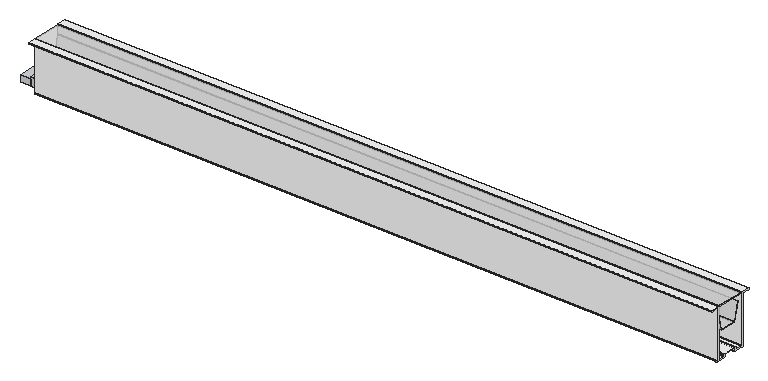
Revit family "2071491", category Lighting Fixtures, host Face, Revit 2022
Family settings
  Host = Face
  Round Connector Dimension = Use Diameter
  Part Type = Normal
  OmniClass Number = 23.80.70.00
  OmniClass Title = Lighting
  Cut with Voids When Loaded = No
  Light Source = Yes
  Maintain Annotation Orientation = No
  Shared = No
  Room Calculation Point = No
Parameters (values of type "MC2 TRIM 1.2M 4K DALI WHT OPAL")
  Weight = "2.5 kg"
  Wattage Comments = ""
  Wattage = 18 W
  WarrantyStartDate [instance] = "n/a"
  WarrantyGuarantorParts = "n/a"
  WarrantyDurationUnit = "Years"
  WarrantyDurationParts = "5"
  WarrantyDescription = "http://www.sylvania-group.com"
  built-in parameter 1150110 = 1 (stored number, unit not read)
  Voltage = 230 V
  URL = "http://www.sylvania-group.com"
  TypeName = "Mini Continuum II - Direct - Trim"
  Type Image = <None>
  Type Comments = "n/a"
  built-in parameter 1114217 = 1 (stored number, unit not read)
  Tilt Angle = -90.00°
  built-in parameter 1150109 = 1 (stored number, unit not read)
  built-in parameter 1150134 = 12
  built-in parameter 1150113 = 1 (stored number, unit not read)
  SerialNumber [instance] = "n/a"
  Photometric Web File = "2071491.IES"
  Material_3_SYL = Metal_Sylvania_Mini Contiuum II_Silver
  PowerFactor = 0.98
  PowerConsumption = "18 W"
  NominalLength = 1200 mm
  NominalHeight = 86 mm
  NominalDepth = 80 mm
  Name = "MC2 TRIM 1.2M 4K DALI WHT OPAL"
  ModelReference = Name  # "MC2 TRIM 1.2M 4K DALI WHT OPAL"
  ModelNumber = "2071491"
  Model = Name  # "MC2 TRIM 1.2M 4K DALI WHT OPAL"
  Material = "Aluminium"
  ManufacturerName = Manufacturer  # "Feilo Sylvania"
  Manufacturer = "Feilo Sylvania"
  LuminousEfficacy = "133 lm/W"
  built-in parameter 1150105 = 1085.4 (stored number, unit not read)
  Lumens = 2394 lm
  LuminaireType = "Ceiling recessed mounting"
  built-in parameter 1150115 = 1 (stored number, unit not read)
  LightOutputRatio = "100"
  built-in parameter 1150137 = (empty or 0)
  built-in parameter 1150139 = (empty or 0)
  LampsType = Lamp  # "LED"
  LampNominalLuminous = "2400 lm"
  LampMacAdamStep = "3"
  LampColourTemperature = "4000 K"
  LampColourRenderingIndex = "80"
  built-in parameter 1150112 = 1 (stored number, unit not read)
  built-in parameter 1150114 = 1 (stored number, unit not read)
  Lamp = "LED"
  Keynote = "16500"
  InstallationDate [instance] = "n/a"
  InputVoltage = "220-240 V"
  InputNominalFrequency = "50/60Hz"
  built-in parameter 1150132 = (empty or 0)
  built-in parameter 1150102 = (empty or 0)
  built-in parameter 1150107 = 4000 (stored number, unit not read)
  built-in parameter 1150138 = (empty or 0)
  IngressProtection = "IP20"
  ImpactProtectionIndex = "IK03"
  built-in parameter 1150106 = 10.854 (stored number, unit not read)
  IfcExportType = "IfcLightFixtureType"
  IfcExportAs = "IfcLightFixtureType"
  Emit from Rectangle Width = 54 mm  # constant formula
  Emit from Rectangle Length = NominalLength  # 1200 mm
  Emit Shape Visible in Rendering = no
  EmergencyLight = no
  ElectricShockClassification = "Class I"
  built-in parameter 1150104 = 12.356 (stored number, unit not read)
  DocumentationLiterature = "https://www.sylvania-lighting.com/product/en-int/products/2071491/"
  DimmingControlOptions = "DALI"
  Material_2_SYL = Polycarbonate_Sylvania_Mini Continuum II_Opal_4000K
  Dimming Lamp Color Temperature Shift = <None>
  Description = "MC2 TRIM 1.2M 4K DALI WHT OPAL LED luminaire, white RAL9016 finishing, direct distribution, trim detail for plasterboard ceilings, suitable for recessed installation either horizontally or vertically, various accessories available, compact and minimalist design based on the Golden Mean, ideal for offices, meeting rooms, corridors, education facilities, museums and libraries, extruded aluminium body, diffuser: opal, colour temperature: 4000K neutral white, total system power: 18W, total fixture output: 2400lm, luminaire efficacy: 133lm/W, LOR: 100%, colour rendering: Ra >80, LED Chromacity: 3 step MacAdam ellipse, lifespan: 66,000 hours L90B10, IR/UV free light source without heat radiation, operating voltage: 220-240V / 50-60Hz, drive current: 800mA, electronic driver, DALI dimmable, electrical protection: CLASS I, IP20, suitable for internal environment only."
  Default Elevation = 1219.2 mm
  CreatedOn = "09/08/2024"
  CreatedBy = "petra.pavlicz@sylvania-lighting.com"
  Cost = 0
  Color Filter = 16777215
  built-in parameter 1114216 [instance] = (empty or 0)
  ClassificationValue = "EF_70_80"
  ClassificationName = "Uniclass2015"
  Material_1_SYL = Metal_Sylvania_Mini Continuum II_White
  BarCode [instance] = "n/a"
  built-in parameter 1114218 = 1 (stored number, unit not read)
  built-in parameter 1150133 = 10 (stored number, unit not read)
  AssetType = "Fixed"
  AssetIdentifier [instance] = "n/a"
  Assembly Code = "D5020200"
  Apparent Load = 18.4 VA
  Material_4_SYL = none
Reference planes
  plane 1 "Center (Front/Back)": y = 0
  plane 2: z = 0
  plane 3 "Center (Left/Right)": x = 0
  plane 4: y = 27
  plane 5: y = -27
  plane 6: x = -600
  plane 7: x = 600
  plane 8 "Fixture top": z = -83.5
  plane 9 "Fixture bottom": z = 2.5
  plane 10: z = -10.5
  plane 11: x = 572
  plane 12: x = -572
  plane 13: x = 597
  plane 14: x = -597
  plane 15: x = -628
  plane 16 "snap": z = 0
  plane 17: y = -40
  plane 18: y = 40
Forms (mm)
  Extrusion 1, solid, material "Polycarbonate_Sylvania_Mini Continuum II_Opal_4000K" <- "Material_2_SYL"
    sketch origin (-4.8, 0, 305.049) x (0, 1, 0) y (0, 0, 1)
      loop
        line (22.233, -315.549) -> (21.206, -315.549) -> (14.206, -345.549) -> (-14.206, -345.549) -> (-21.206, -315.549) -> (-22.233, -315.549) -> (-15, -346.549) -> (15, -346.549) -> (22.233, -315.549)
    from -592.2 to 601.8
  Extrusion 2, solid, material "Polycarbonate_Sylvania_Mini Continuum II_Opal_4000K" <- "Material_2_SYL"
    sketch origin (0, 0, -471) x (0, 1, 0) y (0, 0, 1)
      loop
        line (-25, 473.5) -> (-25, 471.5) -> (25, 471.5) -> (25, 473.5) -> (-25, 473.5)
    from -600 to 600
  Extrusion 3, solid
    sketch origin (384.076, 1524, 1219.2) x (0, 1, 0) y (0, 0, 1)
      loop
        line (-1514.443, -1281.744) -> (-1547.043, -1281.744) -> (-1547.043, -1296.244) -> (-1514.443, -1296.244) -> (-1514.443, -1281.744)
    from -994.076 to -956.076
  Extrusion 4, solid
    sketch origin (319, 1524, 1219.2) x (0, 1, 0) y (0, 0, 1)
      loop
        line (-1514.743, -1284.744) -> (-1546.743, -1284.744) -> (-1546.743, -1296.244) -> (-1514.743, -1296.244) -> (-1514.743, -1284.744)
    from -947 to -929
  Extrusion 5, solid, material "Metal_Sylvania_Mini Continuum II_White", detail levels coarse
    sketch origin (0, 0, 0) x (0, 1, 0) y (0, 0, 1)
      loop
        line (-40, 2.5) -> (-40, 0) -> (-27, 0) -> (-27, -83.5) -> (27, -83.5) -> (27, 0) -> (40, 0) -> (40, 2.5) -> (-40, 2.5)
    from -600 to 600
  Extrusion 6, solid, material "Metal_Sylvania_Mini Continuum II_White" <- "Material_1_SYL", detail levels medium+fine
    sketch origin (2400, 0, 0) x (0, 1, 0) y (0, 0, -1)
      loop
        line (-27, -1) -> (-38.5, -1) -> (-38.5, 0) -> (-40, 0) -> (-40, -2.5) -> (-25.5, -2.5) -> (-25.5, 80.991)
        arc (-25.5, 80.991) -> (-25.351, 81.351) -> (-24.991, 81.5) r 0.509
        line (-24.991, 81.5) -> (-13.539, 81.5)
        arc (-13.539, 81.5) -> (-13.158, 81.342) -> (-13, 80.961) r 0.539
        line (-13, 80.961) -> (-13, 77.585)
        arc (-13, 77.585) -> (-12.842, 77.202) -> (-12.459, 77.044) r 0.541
        line (-12.459, 77.044) -> (12.459, 77.044)
        arc (12.459, 77.044) -> (12.842, 77.202) -> (13, 77.585) r 0.541
        line (13, 77.585) -> (13, 80.961)
        arc (13, 80.961) -> (13.158, 81.342) -> (13.539, 81.5) r 0.539
        line (13.539, 81.5) -> (24.991, 81.5)
        arc (24.991, 81.5) -> (25.351, 81.351) -> (25.5, 80.991) r 0.509
        line (25.5, 80.991) -> (25.5, -2.5) -> (40, -2.5) -> (40, 0) -> (38.5, 0) -> (38.5, -1) -> (27, -1) -> (27, 83)
        arc (27, 83) -> (26.854, 83.354) -> (26.5, 83.5) r 0.5
        line (26.5, 83.5) -> (11.52, 83.5)
        arc (11.52, 83.5) -> (11.152, 83.348) -> (11, 82.98) r 0.52
        line (11, 82.98) -> (11, 79.574)
        arc (11, 79.574) -> (10.845, 79.199) -> (10.47, 79.044) r 0.53
        line (10.47, 79.044) -> (-10.47, 79.044)
        arc (-10.47, 79.044) -> (-10.845, 79.199) -> (-11, 79.574) r 0.53
        line (-11, 79.574) -> (-11, 82.98)
        arc (-11, 82.98) -> (-11.152, 83.348) -> (-11.52, 83.5) r 0.52
        line (-11.52, 83.5) -> (-26.5, 83.5)
        arc (-26.5, 83.5) -> (-26.854, 83.354) -> (-27, 83) r 0.5
        line (-27, 83) -> (-27, -1)
    from 3000 to 1800
Dimensions and locks
  "NominalLength": plane 6 to plane 7
  equal spacing: plane 6, plane 3 "Center (Left/Right)", plane 7
  "NominalHeight": plane 9 "Fixture bottom" to plane 8 "Fixture top"
  equal spacing: plane 4, plane 1 "Center (Front/Back)", plane 5
  locked: imposter light to plane 10 at 13
  locked: plane 6 to plane 12 at 28
  locked: plane 11 to plane 7 at 28
  locked: Extrusion 2 sketch curve to Extrusion 2 sketch curve at 2
  locked: Extrusion 2 sketch curve to Extrusion 2 sketch curve at 50
  locked: plane 13 to plane 7 at 3
  locked: plane 6 to plane 14 at 3
  locked: Extrusion 3 sketch curve to Extrusion 3 sketch curve at 32.6
  locked: Extrusion 3 sketch curve to Extrusion 3 sketch curve at 14.5
  locked: Extrusion 4 sketch curve to Extrusion 4 sketch curve at 32
  Extrusion 4 sketch curve to Extrusion 4 sketch curve = 11.5 mm
  locked: plane 9 "Fixture bottom" to plane 10 at 13
  Extrusion 3 to Extrusion 3 = 38 mm
  locked: Extrusion 4 to Extrusion 4 at 11.5
  locked: Extrusion 3 to Extrusion 3 at 38
  locked: Extrusion 4 to Extrusion 3 at 18
  locked: plane 4 to plane 5 at 54
  locked: plane 9 "Fixture bottom" to plane 16 "snap" at 2.5
  Extrusion 6 to plane 8 "Fixture top" to Extrusion 6 = 0 mm, 2 mm locked  (x2)
  locked: Extrusion 6 to Extrusion 6 at 6.456
  locked: Extrusion 6 to Extrusion 6 at 2  (x2)
  locked: Extrusion 6 to Extrusion 6 at 22
  Extrusion 6 to Extrusion 6 to Extrusion 6 to Extrusion 6 = 1.5 mm locked, 11.5 mm locked, 1.5 mm locked  (x2)
  locked: Extrusion 6 to Extrusion 6 at 1.5  (x2)
  "NominalDepth": plane 18 to plane 17
  aligned and locked: plane 2 to host face
  aligned and locked: level to host face
  aligned and locked: plane 9 "Fixture bottom" to imposter light
  aligned and locked: plane 10 to Extrusion 1  (x2)
  aligned and locked: plane 7 to Extrusion 2
  aligned and locked: Extrusion 2 to plane 6
  aligned and locked: Extrusion 1 to plane 14
  aligned and locked: Extrusion 1 to plane 13
  aligned and locked: Extrusion 3 to Extrusion 4
  aligned and locked: plane 12 to Extrusion 3
  aligned and locked: plane 5 to Extrusion 5 sketch curve
  aligned and locked: Extrusion 5 sketch curve to plane 4
  aligned and locked: Extrusion 5 sketch curve to imposter light
  aligned and locked: Extrusion 6 to plane 5
  aligned and locked: plane 4 to Extrusion 6
  aligned and locked: level to plane 16 "snap"
  aligned and locked: plane 9 "Fixture bottom" to Extrusion 2
  aligned and locked: plane 9 "Fixture bottom" to Extrusion 6  (x2)
  aligned and locked: Extrusion 6 to plane 8 "Fixture top"  (x2)
  aligned and locked: Extrusion 5 to plane 5
  aligned and locked: plane 4 to Extrusion 5
  aligned and locked: Extrusion 3 to Extrusion 6
  aligned and locked: Extrusion 6 to plane 16 "snap"  (x2)
  aligned and locked: Extrusion 6 to imposter light
  aligned and locked: plane 7 to Extrusion 6
  aligned and locked: Extrusion 5 to imposter light
  aligned and locked: plane 7 to Extrusion 5
  aligned and locked: Extrusion 6 to plane 17
  aligned and locked: plane 18 to Extrusion 6
  aligned and locked: plane 18 to Extrusion 5
  aligned and locked: Extrusion 5 to plane 17
  aligned and locked: Extrusion 6 to plane 6
  aligned and locked: Extrusion 5 to plane 6
  aligned and locked: Extrusion 5 to plane 8 "Fixture top"
Automatic sketch dimensions
  host sketch curve to host sketch curve = 2438.4 mm  (x2)
  Extrusion 1 sketch curve to plane 10 = 0 mm  (x2)
  plane 5 to Extrusion 1 sketch curve = 4.767 mm
  Extrusion 1 sketch curve to Extrusion 1 sketch curve = 1.027 mm  (x2)
  plane 5 to Extrusion 1 sketch curve = 12 mm
  Extrusion 1 sketch curve to Extrusion 1 sketch curve = 0.794 mm  (x2)
  Extrusion 1 sketch curve to plane 4 = 12.794 mm
  Extrusion 1 sketch curve to plane 4 = 5.794 mm
  Extrusion 1 sketch curve to plane 10 = 30 mm
  Extrusion 1 sketch curve to Extrusion 1 sketch curve = 1 mm
  Extrusion 2 sketch curve to plane 9 "Fixture bottom" = 0 mm
  plane 5 to Extrusion 2 sketch curve = 2 mm
  plane 5 to Extrusion 3 sketch curve = 3.957 mm
  plane 8 "Fixture top" to Extrusion 3 sketch curve = 6.456 mm
  plane 5 to Extrusion 4 sketch curve = 4.257 mm
  plane 8 "Fixture top" to Extrusion 4 sketch curve = 6.456 mm
  Extrusion 5 sketch curve to plane 16 "snap" = 0 mm  (x2)
  Extrusion 5 sketch curve to plane 5 = 13 mm
  Extrusion 5 sketch curve to Extrusion 5 sketch curve = 13 mm
  Extrusion 6 sketch curve to plane 5 = 0 mm
  Extrusion 6 sketch curve to plane 4 = 0 mm
  Extrusion 6 sketch curve to plane 5 = 11.5 mm
  Extrusion 6 sketch curve to Extrusion 6 sketch curve = 1.5 mm  (x4)
  plane 5 to Extrusion 6 sketch curve = 0.5 mm
  plane 5 to Extrusion 6 sketch curve = 1.5 mm
  Extrusion 6 sketch curve to Extrusion 6 sketch curve = 0.509 mm
  Extrusion 6 sketch curve to Extrusion 6 sketch curve = 11.451 mm
  Extrusion 6 sketch curve to Extrusion 6 sketch curve = 0.539 mm  (x2)
  Extrusion 6 sketch curve to Extrusion 6 sketch curve = 0.541 mm
  Extrusion 6 sketch curve to Extrusion 6 sketch curve = 2.02 mm  (x2)
  Extrusion 6 sketch curve to Extrusion 6 sketch curve = 0.52 mm  (x2)
  Extrusion 6 sketch curve to Extrusion 6 sketch curve = 0.53 mm  (x2)
  Extrusion 6 sketch curve to plane 1 "Center (Front/Back)" = 10.47 mm
  Extrusion 6 sketch curve to Extrusion 6 sketch curve = 1.989 mm
  Extrusion 6 sketch curve to Extrusion 6 sketch curve = 2 mm
  Extrusion 6 sketch curve to plane 4 = 2.009 mm
  Extrusion 6 sketch curve to plane 4 = 1.5 mm
  Extrusion 6 sketch curve to plane 4 = 0.5 mm
  plane 4 to Extrusion 6 sketch curve = 11.5 mm
  plane 8 "Fixture top" to Extrusion 6 sketch curve = 86 mm  (x2)
  Extrusion 6 sketch curve to Extrusion 6 sketch curve = 1 mm  (x2)
  Extrusion 6 sketch curve to Extrusion 6 sketch curve = 78.044 mm
  Extrusion 6 sketch curve to Extrusion 6 sketch curve = 1.459 mm
  Extrusion 6 sketch curve to Extrusion 6 sketch curve = 1.387 mm  (x2)
  Extrusion 6 sketch curve to Extrusion 6 sketch curve = 1.48 mm
  Extrusion 5 sketch curve to Extrusion 5 sketch curve = 83.5 mm
Connectors
  electrical at (-628, -6.743, -71.294), driven by "Voltage", driven by "Apparent Load", driven by "PowerFactor"
    settings: on Extrusion 4, index 1, voltage 230 V, apparent load 18.4 VA, apparent load phase1 0 VA, apparent load phase2 0 VA, apparent load phase3 0 VA, power factor 0.98, load classification "Lighting", number of poles 1, system type 30, power factor state 1, is connector primary yes, connector utility no, sub classification motor no, connector description ""
